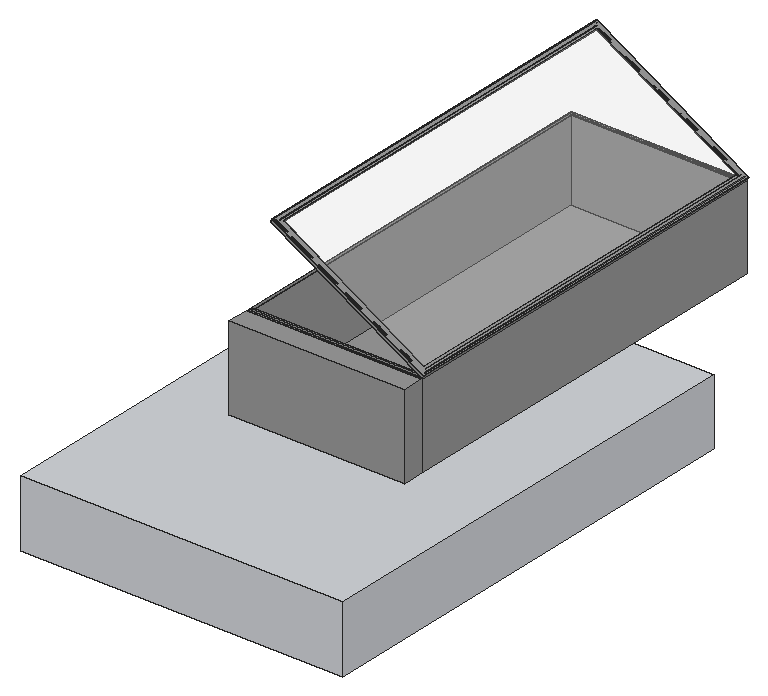
Revit family "Hager-Univers-IP55-D400-H1950-Cl.II-Steel_encl-CH-de", category Equipement électrique, Revit 2020
Family settings
  Hôte = Face
  Configuration du panneau = Deux colonnes, circuits au sein
  Cote de connecteur circulaire = Utiliser le diamètre
  Type d'élément = Tableau de raccordement
  Couper avec des vides une fois chargée = Non
  Partagée = Non
  Point de calcul de pièce = Non
Parameters (values of type "Bodenaufstellung IP55 B800 H1950 T400  - FR23U1")
  Width Control [instance] = if([EF000008 - Breite] > Min Width, [EF000008 - Breite], Min Width)  # 800 mm
  Commentaires du type = [HG000003 - Bereich]  # "Univers"
  Thickness Door [instance] = if([EF009171 - Materialstärke Tür/Deckel] > 3 mm, 3 mm, [EF009171 - Materialstärke Tür/Deckel])  # 1.5 mm
  Seal Frame Offset [instance] = 17 mm  # constant formula
  Plinth Visibility [instance] = [HG000027 - Sockelhöhe] > 0 mm  # yes
  Model = ""
  Min Width [instance] = 100 mm  # constant formula
  Min Height [instance] = 100 mm  # constant formula
  Min Depth [instance] = (2 * [EF009170 - Materialstärke Gehäuse]) + 1 mm  # 4 mm
  Internal Frame Depth [instance] = (Door System Depth * 0.5)  # 9 mm
  Height Control [instance] = if([EF000040 - Höhe] > Min Height, [EF000040 - Höhe], Min Height)  # 1950 mm
  HG000027 - Sockelhöhe = 100 mm
  HG000026 - Stehend auf dem Boden = yes
  HG000024 - Höhe des unteren Teils = 800 mm
  HG000023 - Gehäuse mit doppeltem Querschnitt = no
  HG000016 - 3D-Türsichtbarkeit [instance] = yes
  HG000015 - Sichtbarkeit der Türöffnung [instance] = no
  HG000014 - Tür rechts [instance] = yes
  HG000013 - Tür links [instance] = not([HG000014 - Tür rechts])  # no
  HG000012 - Türschwenkwinkel [instance] = 30.00°
  HG000010 - Asymmetrische Türen = no
  HG000009 - Doppelflügeligen Tür = no
  HG000006 - Unterputz = no
  HG000004 - Herstellerreferenz = "FR23U1"
  HG000003 - Bereich = "Univers"
  HG000002 - Mit tür = yes
  Frame Offset Bottom [instance] = 10 mm  # constant formula
  Frame Offset [instance] = 15 mm  # constant formula
  EF015940 - Deckel mit Überdruckentlastung = no
  EF011959 - Schutzart (NEMA) = ""
  EF009554 - Anzahl der Öffnungen für Flanschplatten = 6
  Fabricant = "Hager"  # constant formula
  EF009212 - Ausführung Deckel = "EV000116 - geschlossen"
  EF009171 - Materialstärke Tür/Deckel = 1.5 mm
  EF009170 - Materialstärke Gehäuse = 1.5 mm
  EF008873 - Nennstrom (In) = 800 A
  EF007800 - Geeignet für Blitzschutz = no
  EF006306 - Mit Schloss = no
  EF006244 - Transparenter Deckel/Tür = yes
  EF005474 - Schutzart (IP) = "EV006420 - IP55"
  EF004464 - Art der Tür = "EV002646 - Einzel"
  EF004427 - Anzahl der Module = 432
  EF004293 - Schlagfestigkeit = "EV008784 - IK10"
  EF003532 - Geeignet für Außengebrauch = no
  EF002950 - Breite in Teilungseinheiten = 24
  EF001613 - Funktionserhalt = "EV000494 - ohne"
  EF001596 - Werkstoff des Gehäuses = "EV000179 - Stahl"
  EF001131 - Innentiefe = 400 mm
  EF001088 - Anbaumöglichkeit = yes
  EF000437 - Anzahl der Leitungseinführungen = 6
  EF000339 - Art der Abdeckung = "EV004216 - Tür"
  EF000266 - Anzahl der Reihen = 12
  EF000218 - Einbautiefe = 0 mm
  EF000118 - Mit Montageplatte = no
  EF000116 - RAL-Nummer = "7035"
  EF000049 - Tiefe = 400 mm
  EF000040 - Höhe = 1950 mm
  EF000008 - Breite = 800 mm
  EF000007 - Farbe = "EV000270 - grau"
  EF000003 - Montageart = "EV012274 - Bodenaufstellung"
  Door System Leaf Tolerance [instance] = 1.5 mm  # constant formula
  Door System Depth [instance] = 18 mm  # constant formula
  Door Height [instance] = Height Control - [HG000027 - Sockelhöhe]  # 1850 mm
  Depth Control [instance] = if([EF000049 - Tiefe] > Min Depth, [EF000049 - Tiefe], Min Depth)  # 400 mm
  Default Elevation = 0 mm
  Connector Offset [instance] = Height Control / 2  # 975 mm
  Bottom Top Plate Trim [instance] = 1.5 mm  # constant formula
  Plinth height Ctrl [instance] = if([HG000027 - Sockelhöhe] > 0 mm, [HG000027 - Sockelhöhe], 12 mm)  # 100 mm
Types (11, lengths in mm): name | Width Control | HG000010 - Asymmetrische Türen | HG000009 - Doppelflügeligen Tür | HG000004 - Herstellerreferenz | EF009554 - Anzahl der Öffnungen für Flanschplatten | EF006244 - Transparenter Deckel/Tür | EF004464 - Art der Tür | EF004427 - Anzahl der Module | EF000437 - Anzahl der Leitungseinführungen | EF000008 - Breite
  Bodenaufstellung IP55 B1050 H1950 T400  - FR24H1 | 1050 | yes | yes | "FR24H1" | 8 | no | "EV003602 - Doppel" | 576 | 8 | 1050
  Bodenaufstellung IP55 B1050 H1950 T400  - FR24U1 | 1050 | yes | yes | "FR24U1" | 8 | yes | "EV003602 - Doppel" | 576 | 8 | 1050
  Bodenaufstellung IP55 B1300 H1950 T400  - FR25H1 | 1300 | yes | yes | "FR25H1" | 10 | no | "EV003602 - Doppel" | 720 | 10 | 1300
  Bodenaufstellung IP55 B1300 H1950 T400  - FR25U1 | 1300 | yes | yes | "FR25U1" | 10 | yes | "EV003602 - Doppel" | 720 | 10 | 1300
  Bodenaufstellung IP55 B1550 H1950 T400  - FR26H1 | 1550 | yes | yes | "FR26H1" | 12 | no | "EV003602 - Doppel" | 864 | 12 | 1550
  Bodenaufstellung IP55 B1550 H1950 T400  - FR26U1 | 1550 | yes | yes | "FR26U1" | 12 | yes | "EV003602 - Doppel" | 864 | 12 | 1550
  Bodenaufstellung IP55 B300 H1950 T400  - FR21H1 | 300 | no | no | "FR21H1" | 2 | no | "EV002646 - Einzel" | 144 | 2 | 300
  Bodenaufstellung IP55 B550 H1950 T400  - FR22H1 | 550 | no | no | "FR22H1" | 4 | no | "EV002646 - Einzel" | 288 | 4 | 550
  Bodenaufstellung IP55 B550 H1950 T400  - FR22U1 | 550 | no | no | "FR22U1" | 4 | yes | "EV002646 - Einzel" | 288 | 4 | 550
  Bodenaufstellung IP55 B800 H1950 T400  - FR23H1 | 800 | no | no | "FR23H1" | 6 | no | "EV002646 - Einzel" | 432 | 6 | 800
  Bodenaufstellung IP55 B800 H1950 T400  - FR23U1 | 800 | no | no | "FR23U1" | 6 | yes | "EV002646 - Einzel" | 432 | 6 | 800
Reference planes
  plane 1 "Center (Front/Back)": y = 0
  plane 2: z = 0
  plane 3 "Center (Left/Right)": x = 0
  plane 4: z = 400
  plane 5: y = 101.5
  plane 6: y = 1025
  plane 7: y = 100
  plane 8: y = 1950
  plane 9: z = 0
  plane 10: x = -385
  plane 11: x = 385
  plane 12: x = 383.5
  plane 13: x = -383.5
  plane 14: y = 1948.5
  plane 15: x = -383
  plane 16: x = -400
  plane 17: x = 383
  plane 18: x = 400
  plane 19: x = 398.5
  plane 20: x = -398.5
  plane 21: y = 111.5
  plane 22: y = 1950
  plane 23: y = 1933.5
  plane 24: z = 382
  plane 25: z = 1.5
  plane 26: z = 380.5
  plane 27: z = 398.5
Forms (mm)
  Extrusion 1, solid
    sketch origin (0, 0, 0) x (1, 0, 0) y (0, 1, 0)
      loop
        line (-702.964, 1305) -> (-702.964, -811.445) -> (766.763, -811.445) -> (766.763, 1305) -> (-702.964, 1305)
    from 0 to -304.8
  Extrusion 2, solid, material "Hager_Steel_RAL7035_Light_Grey", visible <- "Plinth Visibility", detail levels medium+fine
    sketch origin (0, 0, 0) x (1, 0, 0) y (0, 1, 0)
      loop
        line (-400, 0) -> (400, 0) -> (400, 100) -> (-400, 100) -> (-400, 0)
    from 0 to 382
  Extrusion 3, solid, material "Hager_Steel_RAL7035_Light_Grey", detail levels medium+fine
    sketch origin (0, 0, 0) x (1, 0, 0) y (0, 1, 0)
      loop
        line (-400, 100) -> (400, 100) -> (400, 1950) -> (-400, 1950) -> (-400, 100)
    from 0 to 382
  Extrusion 4, void
    sketch origin (0, 0, 0) x (1, 0, 0) y (0, 1, 0)
      loop
        line (-398.5, 101.5) -> (398.5, 101.5) -> (398.5, 1948.5) -> (-398.5, 1948.5) -> (-398.5, 101.5)
    from 1.5 to 380.5
  Extrusion 5, void
    sketch origin (-381.607, -4572, 382) x (0, -1, 0) y (-1, 0, 0)
      loop
        line (-4683.5, 1.893) -> (-6505.5, 1.893) -> (-6505.5, -765.107) -> (-4683.5, -765.107) -> (-4683.5, 1.893)
    from 0 to 1.5 <- "EF009170 - Materialstärke Gehäuse"
  Extrusion 6, solid, material "Hager_Steel_RAL7035_Light_Grey", detail levels fine
    sketch origin (0, 0, 382) x (1, 0, 0) y (0, 1, 0)
      loop
        line (-383.5, 1933.5) -> (-383.5, 111.5) -> (383.5, 111.5) -> (383.5, 1933.5) -> (-383.5, 1933.5)
      loop
        line (-385, 110) -> (385, 110) -> (385, 1935) -> (-385, 1935) -> (-385, 110)
    from 0 to 9 <- "Internal Frame Depth"
  Extrusion 7, solid, material "Hager_Steel_RAL7035_Light_Grey", detail levels coarse
    sketch origin (0, 0, 0) x (1, 0, 0) y (0, 1, 0)
      loop
        line (-400, 0) -> (400, 0) -> (400, 1950) -> (-400, 1950) -> (-400, 0)
    from 0 to 400
  Sweep 8, void
    path in 3D
      loop
        line (-400, 100, 0) -> (400, 100, 0) -> (400, 100, 382) -> (-400, 100, 382) -> (-400, 100, 0)
    profile origin (-400, 100, 191) x (-1, 0, 0) y (0, -1, 0)
      loop
        line (0, 0) -> (0, 1.5) -> (-1.5, 1.5)
        arc (-1.5, 1.5) -> (-1.061, 0.439) -> (0, 0) r 1.5
Cuts and joins
  Extrusion 4, Extrusion 5 cuts Extrusion 3
  Sweep 8 cuts Extrusion 2
Lines and regions (mm)
  Masking region 1
    outline origin (0, 0, 0) x (1, 0, 0) y (0, 0, 1)
      loop
        line (-400, 400) -> (-400, 0) -> (400, 0) -> (400, 400) -> (-400, 400)
  Masking region 2, detail levels medium+fine
    outline origin (0, 140, 0) x (0, 1, 0) y (0, 0, 1)
      loop
        line (-40, 0) -> (1810, 0) -> (1810, 382) -> (-40, 382) -> (-40, 0)
  Masking region 3, not visible, detail levels medium+fine
    outline origin (0, 297.922, 0) x (0, 1, 0) y (0, 0, 1)
      loop
        line (738.578, 0) -> (778.578, 0) -> (778.578, 388.5)
        arc (778.578, 388.5) -> (775.649, 395.571) -> (768.578, 398.5) r 10
        line (768.578, 398.5) -> (738.578, 398.5) -> (738.578, 0)
  Masking region 4, detail levels coarse
    outline origin (0, 0, 180) x (0, 1, 0) y (0, 0, 1)
      loop
        line (0, -180) -> (1950, -180) -> (1950, 220) -> (0, 220) -> (0, -180)
  Masking region 5, visible <- "Plinth Visibility", detail levels medium+fine
    outline origin (0, 52.24, 12.345) x (0, 0, -1) y (0, 1, 0)
      loop
        line (10.845, 47.76) -> (-368.155, 47.76)
        arc (-368.155, 47.76) -> (-368.594, 46.699) -> (-369.655, 46.26) r 1.5
        line (-369.655, 46.26) -> (-369.655, -52.24) -> (12.345, -52.24) -> (12.345, 46.26)
        arc (12.345, 46.26) -> (11.285, 46.699) -> (10.845, 47.76) r 1.5
  Masking region 6, detail levels medium+fine
    outline origin (-381.607, -4572, 382) x (-1, 0, 0) y (0, -1, 0)
      loop
        line (18.393, -6522) -> (18.393, -4672) -> (-781.607, -4672) -> (-781.607, -6522) -> (18.393, -6522)
  Masking region 7, visible <- "Plinth Visibility", detail levels medium+fine
    outline origin (-381.607, -4727, 382) x (-1, 0, 0) y (0, -1, 0)
      loop
        arc (16.893, -4827) -> (17.332, -4825.939) -> (18.393, -4825.5) r 1.5
        line (18.393, -4825.5) -> (18.393, -4727) -> (-781.607, -4727) -> (-781.607, -4825.5)
        arc (-781.607, -4825.5) -> (-780.546, -4825.939) -> (-780.107, -4827) r 1.5
        line (-780.107, -4827) -> (16.893, -4827)
  Masking region 8, detail levels coarse
    outline origin (-442.548, -4669.526, 382) x (-1, 0, 0) y (0, -1, 0)
      loop
        line (-42.548, -6619.526) -> (-42.548, -4669.526) -> (-842.548, -4669.526) -> (-842.548, -6619.526) -> (-42.548, -6619.526)
  sketch lines
    curve 1: line (-400, 100, 382) -> (-400, 100, 0)
    curve 2: line (400, 100, 382) -> (-400, 100, 382)
    curve 3: line (400, 100, 382) -> (400, 100, 0)
    curve 4: line (-400, 100, 0) -> (400, 100, 0)
Dimensions and locks
  "Depth Control": plane 4 to Extrusion 1
  "HG000027 - Sockelhöhe": plane 1 "Center (Front/Back)" to plane 7
  "EF009170 - Materialstärke Gehäuse": plane 5 to plane 7
  locked: connector elem to plane 3 "Center (Left/Right)"
  equal spacing: plane 8, plane 6, plane 7
  locked: connector elem to plane 6
  "EF009170 - Materialstärke Gehäuse": plane 8 to plane 14
  "EF009170 - Materialstärke Gehäuse": plane 10 to plane 13
  "EF009170 - Materialstärke Gehäuse": plane 12 to plane 11
  "Frame Offset": plane 20 to plane 13
  "Frame Offset": plane 12 to plane 19
  "EF009170 - Materialstärke Gehäuse": plane 16 to plane 20
  "EF009170 - Materialstärke Gehäuse": plane 19 to plane 18
  "Seal Frame Offset": plane 16 to plane 15
  "Seal Frame Offset": plane 17 to plane 18
  "Frame Offset Bottom": plane 21 to plane 5
  "Frame Offset": plane 14 to plane 23
  equal spacing: plane 16, plane 3 "Center (Left/Right)", plane 18
  "Width Control": plane 16 to plane 18
  "EF009170 - Materialstärke Gehäuse": plane 4 to plane 27
  "EF009170 - Materialstärke Gehäuse": plane 24 to plane 26
  "EF009170 - Materialstärke Gehäuse": plane 25 to level
  "Door System Depth": plane 4 to plane 24
  "Height Control": plane 1 "Center (Front/Back)" to Extrusion 7 sketch curve
  "Height Control": Masking region 4 sketch curve to plane 1 "Center (Front/Back)"
  "Height Control": plane 1 "Center (Front/Back)" to plane 22
  "Bottom Top Plate Trim": profile plane to Sweep 8 sketch curve
  "Bottom Top Plate Trim": Sweep 8 sketch curve to profile plane
  "Plinth height Ctrl": plane 1 "Center (Front/Back)" to Extrusion 2 sketch curve
  "Plinth height Ctrl": Masking region 5 sketch curve to plane 1 "Center (Front/Back)"
  "Plinth height Ctrl": plane 1 "Center (Front/Back)" to Masking region 7 sketch curve
  "Thickness Door": Extrusion 6 sketch curve to Extrusion 6 sketch curve  (x3)
  "Thickness Door": cut or joined group of Extrusion 3, Extrusion 4, Extrusion 5 to Extrusion 6 sketch curve
  radius of Masking region 3 sketch curve = 10 mm
  "Bottom Top Plate Trim": radius of Masking region 5 sketch curve  (x2)
  "Bottom Top Plate Trim": radius of Sweep 8 sketch curve
  "Bottom Top Plate Trim": radius of Masking region 7 sketch curve  (x2)
  aligned and locked: plane 2 to Extrusion 1
  aligned and locked: level to Extrusion 1
  aligned and locked: level to Masking region 1 sketch curve
  aligned and locked: Masking region 1 sketch curve to plane 18
  aligned and locked: Masking region 1 sketch curve to plane 16
  aligned and locked: plane 7 to Masking region 2 sketch curve
  aligned and locked: level to Masking region 3 sketch curve
  aligned and locked: Masking region 3 sketch curve to plane 27
  aligned and locked: level to Masking region 2 sketch curve
  aligned and locked: plane 1 "Center (Front/Back)" to Extrusion 2 sketch curve
  aligned and locked: Extrusion 3 sketch curve to plane 7
  aligned and locked: plane 16 to Extrusion 3 sketch curve
  aligned and locked: plane 18 to Extrusion 3 sketch curve
  aligned and locked: plane 20 to Extrusion 4 sketch curve
  aligned and locked: plane 19 to Extrusion 4 sketch curve
  aligned and locked: Extrusion 4 sketch curve to plane 5
  aligned and locked: Extrusion 4 to plane 25
  aligned and locked: plane 26 to Extrusion 4
  aligned and locked: plane 24 to Extrusion 3
  aligned and locked: Extrusion 5 sketch curve to plane 21
  aligned and locked: Extrusion 5 sketch curve to plane 13
  aligned and locked: Extrusion 5 sketch curve to plane 12
  aligned and locked: plane 18 to Extrusion 7 sketch curve
  aligned and locked: plane 1 "Center (Front/Back)" to Extrusion 7 sketch curve
  aligned and locked: plane 16 to Extrusion 7 sketch curve
  aligned and locked: plane 4 to Extrusion 7
  aligned and locked: Extrusion 7 to level
  aligned and locked: level to Masking region 4 sketch curve
  aligned and locked: Masking region 4 sketch curve to plane 1 "Center (Front/Back)"
  aligned and locked: Masking region 4 sketch curve to plane 4
  aligned and locked: nested 1 to level
  aligned and locked: nested 1 to plane 16
  aligned and locked: plane 8 to Extrusion 3 sketch curve
  aligned and locked: plane 23 to Extrusion 5 sketch curve
  aligned and locked: plane 14 to Extrusion 4 sketch curve
  aligned and locked: Masking region 2 sketch curve to plane 8
  aligned and locked: level to Masking region 5 sketch curve
  aligned and locked: plane 16 to Extrusion 2 sketch curve
  aligned and locked: plane 18 to Extrusion 2 sketch curve
  aligned and locked: Masking region 5 sketch curve to plane 24
  aligned and locked: Masking region 2 sketch curve to plane 24
  aligned and locked: plane 24 to Extrusion 2
  aligned and locked: profile plane to Sweep 8 sketch curve  (x2)
  aligned and locked: Masking region 6 sketch curve to plane 18
  aligned and locked: Masking region 6 sketch curve to plane 22
  aligned and locked: Masking region 6 sketch curve to plane 16
  aligned and locked: plane 8 to plane 22
  aligned and locked: Masking region 6 sketch curve to plane 7
  aligned and locked: Masking region 7 sketch curve to plane 16
  aligned and locked: Masking region 7 sketch curve to plane 1 "Center (Front/Back)"
  aligned and locked: Masking region 7 sketch curve to plane 18
  aligned and locked: Masking region 8 sketch curve to plane 1 "Center (Front/Back)"
  aligned and locked: Masking region 8 sketch curve to plane 18
  aligned and locked: Masking region 8 sketch curve to plane 22
  aligned and locked: Masking region 8 sketch curve to plane 16
  aligned and locked: nested 2 to plane 7
  aligned and locked: plane 3 "Center (Left/Right)" to nested 2
  aligned and locked: nested 2 to plane 24
  aligned and locked: Extrusion 6 sketch curve to cut or joined group of Extrusion 3, Extrusion 4, Extrusion 5  (x4)
Automatic sketch dimensions
  Extrusion 1 sketch curve to Extrusion 1 sketch curve = 1469.727 mm
  Extrusion 1 sketch curve to Extrusion 1 sketch curve = 2116.445 mm
  Masking region 1 sketch curve to plane 4 = 0 mm
  plane 6 to Masking region 3 sketch curve = 11.5 mm
  Masking region 3 sketch curve to Masking region 3 sketch curve = 30 mm
  Masking region 5 sketch curve to plane 1 "Center (Front/Back)" = 0 mm
Nested families
  nested 1: "Hager_Enclosure_Symbol" at (-400, 0, 0) x (1, 0, 0) z (0, -1, 0), Height <- "Depth Control", Width <- "Width Control", type "Hager_Enclosure_Symbol"
    with Width_Ctrl 800 mm, Width 800 mm, Height_Ctrl 400 mm, Height 400 mm, A_Width_Int 26.25 mm, A_Width 315 mm, A_Height_Ctrl 350 mm, A_Height 350 mm
  nested 2: "EC000058_Univers_Door" at (0, 100, 382) x (1, 0, 0) z (0, 1, 0), Leaf_Tolerance <- "Door System Leaf Tolerance", Angle <- "HG000012 - Türschwenkwinkel", Door_Depth <- "Door System Depth", Door_Left <- "HG000013 - Tür links", Transparent <- "EF006244 - Transparenter Deckel/Tür", Assymetrical <- "HG000010 - Asymmetrische Türen", Width <- "Width Control", Clearance <- "HG000015 - Sichtbarkeit der Türöffnung", Double <- "HG000009 - Doppelflügeligen Tür", 3d_Door <- "HG000016 - 3D-Türsichtbarkeit", Lock_Visibility <- "EF006306 - Mit Schloss", Width_Ctrl <- "Width Control", Door_Right <- "HG000014 - Tür rechts", Door <- "HG000002 - Mit tür", Height <- "Door Height", Thickness <- "Thickness Door", type "EC000058_Univers_Door", detail levels medium+fine
    with min_wh 4 mm, Width_Ctrl 800 mm, Width 800 mm, Transparent yes, Thickness 1.5 mm, Seal_Material Hager_Rubber, Lock_Visibility no, Lock_Material Hager_Plastic_RAL9005_Jet_Black, Leaf_Width 800 mm, Leaf_Tolerance_External_Sides 0 mm, Leaf_Tolerance 1.5 mm, Leaf_Offset 0 mm, Leaf_Height 1847 mm, Leaf_2_Width 800 mm, Leaf_2_Offset 400 mm, Leaf_1_Width 800 mm, Leaf_1_Offset 400 mm, Height_Ctrl 1850 mm, Height 1850 mm, Glass_Material Hager_Glass, Double_Clearance_Ctrl no, Double no, Door_Right_Ctrl yes, Door_Right yes, Door_Material Hager_Steel_RAL7035_Light_Grey, Door_Left_Ctrl no, Door_Left no, Door_Depth 18 mm, Door yes, Clearance_Material Hager_Clearance, Clearance_Depth 800 mm, Clearance_Ctrl no, Clearance no, Assymetrical no, Angle 30.00°, 3d_Door yes
Connectors
  electrical at (0, 1025, 0)
    settings: on plane 9, index 1, voltage 0 V, apparent load 0 VA, apparent load phase1 0 VA, apparent load phase2 0 VA, apparent load phase3 0 VA, power factor 1, load classification "Other", number of poles 1, system type 30, power factor state 1, is connector primary yes, connector utility no, sub classification motor no, connector description ""
Definition of nested family "EC000058_Univers_Door"
  Parameters (values of type "EC000058_Univers_Door")
    min_wh [instance] = (2 * Thickness) + 1 mm  # 11 mm
    Width_Ctrl [instance] = 400 mm
    Width [instance] = 500 mm
    Transparent [instance] = yes
    Thickness [instance] = 5 mm
    Seal_Material [instance] = none
    Lock_Visibility [instance] = yes
    Lock_Material [instance] = none
    Leaf_Width [instance] = if((Width_Ctrl - 2 * Leaf_Tolerance_External_Sides) > 0 mm, (Width_Ctrl - 2 * Leaf_Tolerance_External_Sides), min_wh)  # 400 mm
    Leaf_Tolerance_External_Sides [instance] = 0 mm  # constant formula
    Leaf_Tolerance [instance] = 1.5 mm
    Leaf_Offset [instance] = 0 mm  # constant formula
    Leaf_Height [instance] = if((Height_Ctrl - 2 * Leaf_Tolerance) > 0 mm, (Height_Ctrl - 2 * Leaf_Tolerance), min_wh)  # 497 mm
    Leaf_2_Width [instance] = if(and(and(Double, Assymetrical), Door_Left), (Leaf_Width / 3) - (Leaf_Tolerance / 2), if(and(and(Double, Assymetrical), Door_Right), (Leaf_Width / 3) * 2 - (Leaf_Tolerance / 2), if(and(Double, not(Assymetrical)), (Leaf_Width / 2) - Leaf_Tolerance, Leaf_Width)))  # 400 mm
    Leaf_2_Offset [instance] = if(and(Double, Assymetrical), Leaf_2_Width / 2, if(and(Double, not(Assymetrical)), Leaf_Width / 4, Leaf_Width / 2))  # 200 mm
    Leaf_1_Width [instance] = if(and(and(Double, Assymetrical), Door_Right), (Leaf_Width / 3) - (Leaf_Tolerance / 2), if(and(and(Double, Assymetrical), Door_Left), (Width / 3) * 2 - (Leaf_Tolerance / 2), if(and(Double, not(Assymetrical)), (Leaf_Width / 2) - Leaf_Tolerance, Leaf_Width)))  # 400 mm
    Leaf_1_Offset [instance] = if(and(Double, Assymetrical), Leaf_1_Width / 2, if(and(Double, not(Assymetrical)), Leaf_Width / 4, Leaf_Width / 2))  # 200 mm
    Height_Ctrl [instance] = if(Height > min_wh, Height, min_wh)  # 500 mm
    Height [instance] = 500 mm
    Glass_Material [instance] = none
    Double_Clearance_Ctrl [instance] = and(Double, Clearance)  # no
    Double [instance] = no
    Door_Right_Ctrl [instance] = and(or(Door_Right, Double), Door)  # yes
    Door_Right [instance] = yes
    Door_Material [instance] = none
    Door_Left_Ctrl [instance] = and(or(Door_Left, Double), Door)  # no
    Door_Left [instance] = no
    Door_Depth [instance] = 30 mm
    Door [instance] = yes
    Default Elevation = 1219.2 mm
    Clearance_Material [instance] = none
    Clearance_Depth [instance] = if(Leaf_1_Width > Leaf_2_Width, Leaf_1_Width, Leaf_2_Width)  # 400 mm
    Clearance_Ctrl [instance] = and(not(Double), Clearance)  # yes
    Clearance [instance] = yes
    Assymetrical [instance] = yes
    Angle [instance] = 30.00°
    3d_Door [instance] = yes
  Reference planes
    plane 1 "Center (Front/Back)": y = 0
    plane 2 "Bottom": z = 0
    plane 3 "Center (Left/Right)": x = 0
    plane 4: z = 500
    plane 5: x = -200
    plane 6: x = 200
    plane 7: z = 500
    plane 8: x = -200
    plane 9: z = 0
    plane 10: x = 200
    plane 11: y = 0
    plane 12: z = 1.5
    plane 13: x = -600
    plane 14: y = -400
    plane 15: x = 600
    plane 16: x = 0
    plane 17: x = 0
    plane 18: x = -200
    plane 19: x = 200
    plane 20: z = 498.5
  Forms (mm)
    Extrusion 1, solid, material <- "Clearance_Material", visible <- "Double_Clearance_Ctrl"
      sketch origin (1200, 0, 0) x (1, 0, 0) y (0, 0, -1)
        loop
          line (-1800, -498.5) -> (-600, -498.5) -> (-600, 0) -> (-1800, 0) -> (-1800, -498.5)
      from 0 to -400
  Dimensions and locks
    equal spacing: plane 5, plane 3 "Center (Left/Right)", plane 6
    "Width_Ctrl": plane 5 to plane 6
    "Leaf_Offset": plane 5 to plane 8
    "Leaf_Offset": plane 6 to plane 10
    "Leaf_Offset": plane 9 to level
    "Leaf_Offset": plane 4 to plane 7
    "Height_Ctrl": plane 4 to level
    "Leaf_Tolerance": plane 12 to plane 9
    locked: plane 11 to plane 1 "Center (Front/Back)"
    "Leaf_1_Offset": plane 18 to plane 16
    "Leaf_2_Offset": plane 17 to plane 19
    "Leaf_1_Width": plane 13 to plane 8
    "Leaf_2_Width": plane 10 to plane 15
    "Clearance_Depth": plane 14 to plane 1 "Center (Front/Back)"
    "Leaf_Tolerance_External_Sides": plane 8 to plane 18
    "Leaf_Tolerance_External_Sides": plane 19 to plane 10
    "Leaf_Tolerance": plane 7 to plane 20
    aligned and locked: level to plane 2 "Bottom"
    aligned and locked: nested 1 to plane 16
    aligned and locked: nested 2 to plane 17
    aligned and locked: Extrusion 1 to plane 13
    aligned and locked: plane 15 to Extrusion 1
    aligned and locked: Extrusion 1 to plane 14
    aligned and locked: plane 12 to nested 1
    aligned and locked: nested 2 to plane 12
    aligned and locked: Extrusion 1 to plane 11
    aligned and locked: plane 20 to Extrusion 1
    aligned and locked: nested 2 to plane 11
    aligned and locked: nested 1 to plane 11
  Automatic sketch dimensions
    Extrusion 1 sketch curve to level = 0 mm
    plane 5 to Extrusion 1 sketch curve = 400 mm
    plane 6 to Extrusion 1 sketch curve = 400 mm
    Extrusion 1 sketch curve to plane 4 = 1.5 mm
  Nested families
    nested 1: "EC000058_Univers_Door_Leaf" at (0, 0, 1.5), Width <- "Leaf_1_Width", visible <- "Door_Left_Ctrl", Leaf_Height <- "Leaf_Height", Angle <- "Angle", 3d_Door <- "3d_Door", Transparent <- "Transparent", Clearance Material <- "Clearance_Material", Clearance <- "Clearance_Ctrl", Door_Material <- "Door_Material", Glass_Material <- "Glass_Material", Door_Depth <- "Door_Depth", Lock_Material <- "Lock_Material", Seal_Material <- "Seal_Material", Lock_Visibility <- "Lock_Visibility", Thickness <- "Thickness", type "EC000058_Univers_Door_Leaf"
      with Width 400 mm, Transparent_Glass_Offset 30 mm, Transparent_Ctrl yes, Transparent yes, Thickness 5 mm, Standard no, Seal_Material none, Seal_D2 8 mm, Seal_D1 1 mm, Offset_Internal_Frame 10 mm, Lock_Width 20 mm, Lock_Visibility_3d yes, Lock_Visibility yes, Lock_Thickness_3 3 mm, Lock_Thickness_2 1 mm, Lock_Thickness_1 3 mm, Lock_Radius_Offset_2 16 mm, Lock_Radius_Offset_1 15 mm, Lock_Radius_2 5 mm, Lock_Radius 6 mm, Lock_Offset 5 mm, Lock_Material none, Lock_Height 80 mm, Lock_Cover_Top_Offset_2d 17 mm, Lock_Cover_Height -65 mm, Leaf_Height 497 mm, Internal_Seal_Thickness 8 mm, Internal_Seal_Depth_2 4.5 mm, Internal_Frame_Depth 25 mm, Glass_Thickness -1 mm, Glass_Offset -2 mm, Glass_Material none, Door_Material none, Door_Depth 30 mm, Clearance Material none, Clearance yes, Angle_Ctrl 30.00°, Angle 30.00°, 3d_Door yes
    nested 2: "EC000058_Univers_Door_Leaf" at (0, 0, 1.5) x (-1, 0, 0) z (0, 0, 1), Width <- "Leaf_2_Width", visible <- "Door_Right_Ctrl", Leaf_Height <- "Leaf_Height", Angle <- "Angle", 3d_Door <- "3d_Door", Transparent <- "Transparent", Clearance Material <- "Clearance_Material", Clearance <- "Clearance_Ctrl", Door_Material <- "Door_Material", Glass_Material <- "Glass_Material", Door_Depth <- "Door_Depth", Lock_Material <- "Lock_Material", Seal_Material <- "Seal_Material", Lock_Visibility <- "Lock_Visibility", Thickness <- "Thickness", type "EC000058_Univers_Door_Leaf"
      with Width 400 mm, Transparent_Glass_Offset 30 mm, Transparent_Ctrl yes, Transparent yes, Thickness 5 mm, Standard no, Seal_Material none, Seal_D2 8 mm, Seal_D1 1 mm, Offset_Internal_Frame 10 mm, Lock_Width 20 mm, Lock_Visibility_3d yes, Lock_Visibility yes, Lock_Thickness_3 3 mm, Lock_Thickness_2 1 mm, Lock_Thickness_1 3 mm, Lock_Radius_Offset_2 16 mm, Lock_Radius_Offset_1 15 mm, Lock_Radius_2 5 mm, Lock_Radius 6 mm, Lock_Offset 5 mm, Lock_Material none, Lock_Height 80 mm, Lock_Cover_Top_Offset_2d 17 mm, Lock_Cover_Height -65 mm, Leaf_Height 497 mm, Internal_Seal_Thickness 8 mm, Internal_Seal_Depth_2 4.5 mm, Internal_Frame_Depth 25 mm, Glass_Thickness -1 mm, Glass_Offset -2 mm, Glass_Material none, Door_Material none, Door_Depth 30 mm, Clearance Material none, Clearance yes, Angle_Ctrl 30.00°, Angle 30.00°, 3d_Door yes
  Definition of nested family "EC000058_Univers_Door_Leaf"
    Parameters (values of type "EC000058_Univers_Door_Leaf")
      Width [instance] = 2000 mm
      Transparent_Glass_Offset [instance] = 30 mm
      Transparent_Ctrl [instance] = and(Transparent, [3d_Door])  # yes
      Transparent [instance] = yes
      Thickness [instance] = 5 mm
      Standard [instance] = and(not(Transparent), [3d_Door])  # no
      Seal_Material [instance] = none
      Seal_D2 [instance] = 8 mm  # constant formula
      Seal_D1 [instance] = 1 mm  # constant formula
      Offset_Internal_Frame [instance] = 10 mm  # constant formula
      Lock_Width [instance] = 20 mm  # constant formula
      Lock_Visibility_3d [instance] = and(Lock_Visibility, [3d_Door])  # yes
      Lock_Visibility [instance] = yes
      Lock_Thickness_3 [instance] = 3 mm  # constant formula
      Lock_Thickness_2 [instance] = 1 mm  # constant formula
      Lock_Thickness_1 [instance] = 3 mm  # constant formula
      Lock_Radius_Offset_2 [instance] = Lock_Radius_Offset_1 + 1 mm  # 16 mm
      Lock_Radius_Offset_1 [instance] = 15 mm  # constant formula
      Lock_Radius_2 [instance] = Lock_Radius - 1 mm  # 5 mm
      Lock_Radius [instance] = 6 mm  # constant formula
      Lock_Offset [instance] = 5 mm  # constant formula
      Lock_Material [instance] = none
      Lock_Height [instance] = 80 mm  # constant formula
      Lock_Cover_Top_Offset_2d [instance] = Lock_Radius_Offset_2 + 1 mm  # 17 mm
      Lock_Cover_Height [instance] = -(Lock_Height - Lock_Radius_Offset_1)  # -65 mm
      Leaf_Height [instance] = 2720.336 mm
      Internal_Seal_Thickness [instance] = 8 mm  # constant formula
      Internal_Seal_Depth_2 [instance] = 4.5 mm  # constant formula
      Internal_Frame_Depth [instance] = if(Door_Depth - Thickness > 5 mm, Door_Depth - Thickness, 5 mm)  # 25 mm
      Glass_Thickness [instance] = if(Thickness > 15 mm, Glass_Offset + 10 mm, -1 mm)  # -1 mm
      Glass_Offset [instance] = if(Thickness > 15 mm, -(Thickness + 10 mm) / 2, -2 mm)  # -2 mm
      Glass_Material [instance] = none
      Door_Material [instance] = none
      Door_Depth [instance] = 30 mm
      Default Elevation = 0 mm
      Clearance Material [instance] = none
      Clearance [instance] = yes
      Angle_Ctrl [instance] = if(Angle > 180.00°, 180.00°, Angle)  # 90.00°
      Angle [instance] = 90.00°
      3d_Door [instance] = yes
    Reference planes
      plane 1 "Center (Front/Back)": y = 0
      plane 2: z = 0
      plane 3 "Center (Left/Right)": x = 0
      plane 4: y = 2000
      plane 5: x = -1000
      plane 6: x = 1000
      plane 7: x = -3000
      plane 8: z = 2720.336
      plane 9: z = 30
      plane 10: z = 2690.336
      plane 11: x = 970
      plane 12: x = -970
      plane 13: y = -3
      plane 14: z = 107.833
      plane 15: y = -5
      plane 16: y = -223.314
      plane 17: x = -1000
      plane 18: z = 1360.168
      plane 19: y = 30
    Forms (mm)
      Extrusion 1, solid, material <- "Clearance Material", visible <- "Clearance"
        sketch origin (0, 0, 0) x (1, 0, 0) y (0, 0, 1)
          loop
            line (-3000, 2720.336) -> (-3000, 0) -> (1000, 0) -> (1000, 2720.336) -> (-3000, 2720.336)
        from 0 to -2000
      Extrusion 2, solid, material <- "Door_Material", visible <- "Standard", detail levels medium+fine
        sketch origin (-1000, 0, 0) x (0, 1, 0) y (-1, 0, 0)
          loop
            line (0, 30) -> (0, 25) -> (2000, 25) -> (2000, 30) -> (0, 30)
        from 0 to 2720.336 <- "Leaf_Height"
      Extrusion 3, solid, material <- "Door_Material", visible <- "Transparent_Ctrl", detail levels medium+fine
        sketch origin (-1000, 0, 0) x (0, 1, 0) y (-1, 0, 0)
          loop
            line (0, 25) -> (2000, 25) -> (2000, 30) -> (0, 30) -> (0, 25)
        from 0 to 2720.336 <- "Leaf_Height"
      Extrusion 4, void
        sketch origin (-1025, 2000, 0) x (0, 1, 0) y (0, 0, -1)
          loop
            line (-30, -2690.336) -> (-30, -30) -> (-1970, -30) -> (-1970, -2690.336) -> (-30, -2690.336)
        from 0 to 5 <- "Thickness"
      Sweep 5, solid, material <- "Seal_Material", visible <- "Transparent_Ctrl", detail levels fine
        path in 3D
          loop
            line (-1025, 30, 30) -> (-1025, 30, 2690.336) -> (-1025, 1970, 2690.336) -> (-1025, 1970, 30) -> (-1025, 30, 30)
        profile origin (-1025, 1000, 30) x (1, 0, 0) y (0, 0, 1)
          loop
            line (0, 0) -> (0, -8) -> (1, -8) -> (1, 0) -> (0, 0)
      Extrusion 6, solid, material <- "Glass_Material", visible <- "Transparent_Ctrl", detail levels medium+fine
        sketch origin (-1030, 0, 0) x (0, 1, 0) y (0, 0, -1)
          loop
            line (1970, -2690.336) -> (1970, -30) -> (30, -30) -> (30, -2690.336) -> (1970, -2690.336)
        from -2 <- "Glass_Offset" to -1 <- "Glass_Thickness"
      Extrusion 7, solid, material <- "Door_Material", visible <- "3d_Door", detail levels medium+fine
        sketch origin (-1025, 2000, 0) x (0, -1, 0) y (0, 0, -1)
          loop
            line (0, -2720.336) -> (2000, -2720.336) -> (2000, 0) -> (0, 0) -> (0, -2720.336)
          loop
            line (1995, -5) -> (5, -5) -> (5, -2715.336) -> (1995, -2715.336) -> (1995, -5)
        from 0 to 25 <- "Internal_Frame_Depth"
      Sweep 8, solid, material <- "Seal_Material", visible <- "Transparent_Ctrl", detail levels fine
        path in 3D
          loop
            line (-1025, 0, 0) -> (-1025, 2000, 0) -> (-1025, 2000, 2720.336) -> (-1025, 0, 2720.336) -> (-1025, 0, 0)
        profile origin (-1025, 0, 1360.168) x (1, 0, 0) y (0, 1, 0)
          loop
            line (0, 10) -> (2.975, 10)
            arc (2.975, 10) -> (4.053, 10.447) -> (4.5, 11.525) r 1.525
            line (4.5, 11.525) -> (4.5, 16.527)
            arc (4.5, 16.527) -> (4.069, 17.569) -> (3.027, 18) r 1.473
            line (3.027, 18) -> (0, 18) -> (0, 10)
      Extrusion 9, solid, material <- "Lock_Material", visible <- "Lock_Visibility_3d", detail levels fine
        sketch origin (-1030, 0, 0) x (0, 1, 0) y (0, 0, -1)
          loop
            arc (1993.5, -1400.168) -> (1994.561, -1399.729) -> (1995, -1398.668) r 1.5
            line (1995, -1398.668) -> (1995, -1320.168) -> (1975, -1320.168) -> (1975, -1398.668)
            arc (1975, -1398.668) -> (1975.439, -1399.729) -> (1976.5, -1400.168) r 1.5
            line (1976.5, -1400.168) -> (1993.5, -1400.168)
        from 3 <- "Lock_Thickness_1" to 0
      Blend 10, solid, material <- "Lock_Material", visible <- "Lock_Visibility_3d", detail levels fine
        base sketch origin (-1033, 0, 0) x (0, 1, 0) y (0, 0, -1)
          loop
            line (1975, -1320.168) -> (1975, -1398.668)
            arc (1975, -1398.668) -> (1975.439, -1399.729) -> (1976.5, -1400.168) r 1.5
            line (1976.5, -1400.168) -> (1993.5, -1400.168)
            arc (1993.5, -1400.168) -> (1994.561, -1399.729) -> (1995, -1398.668) r 1.5
            line (1995, -1398.668) -> (1995, -1320.168) -> (1975, -1320.168)
        top sketch origin (-1033, 0, 0) x (0, 1, 0) y (0, 0, -1)
          loop
            line (1976, -1320.168) -> (1976, -1398.668)
            arc (1976, -1398.668) -> (1976.146, -1399.022) -> (1976.5, -1399.168) r 0.5
            line (1976.5, -1399.168) -> (1993.5, -1399.168)
            arc (1993.5, -1399.168) -> (1993.854, -1399.022) -> (1994, -1398.668) r 0.5
            line (1994, -1398.668) -> (1994, -1320.168) -> (1976, -1320.168)
        from 0 to 1 <- "Lock_Thickness_2"
      Blend 11, solid, material <- "Lock_Material", visible <- "Lock_Visibility_3d", detail levels fine
        base sketch origin (-1034, 0, 0) x (0, 1, 0) y (0, 0, -1)
          loop
            line (1978, -1320.168) -> (1978, -1384.168)
            arc (1978, -1384.168) -> (1985, -1391.168) -> (1992, -1384.168) r 7
            line (1992, -1384.168) -> (1992, -1320.168) -> (1978, -1320.168)
        top sketch origin (-1034, 0, 0) x (0, 1, 0) y (0, 0, -1)
          loop
            line (1991, -1320.168) -> (1979, -1320.168) -> (1979, -1383.168)
            arc (1979, -1383.168) -> (1985, -1389.168) -> (1991, -1383.168) r 6
            line (1991, -1383.168) -> (1991, -1320.168)
        from 0 to 3 <- "Lock_Thickness_3"
      Extrusion 12, solid, material <- "Lock_Material", visible <- "Lock_Visibility_3d", detail levels fine
        sketch origin (-1030, 1975, 1320.168) x (1, 0, 0) y (0, -1, 0)
          loop
            line (-7, -19) -> (-7, -1) -> (0, -1) -> (0, 0) -> (-8, 0) -> (-8, -20) -> (0, -20) -> (0, -19) -> (-7, -19)
        from 0 to -65 <- "Lock_Cover_Height"
      Extrusion 13, void
        sketch origin (-1038, 1995, 1320.168) x (-1, 0, 0) y (0, 0, -1)
          loop
            line (-5, -65) -> (0, -65) -> (-5, -60) -> (-5, -65)
        from 0 to 20 <- "Lock_Width"
      Extrusion 14, void
        sketch origin (-1038, 1975, 1320.168) x (0, -1, 0) y (0, 0, -1)
          loop
            circle (-10, -15.995) r 6
          loop
            circle (-10, -15.995) r 5
        from 0 to 2
      Extrusion 15, solid, material <- "Lock_Material", visible <- "Lock_Visibility_3d", detail levels medium
        sketch origin (-1030, 0, 0) x (0, 1, 0) y (0, 0, -1)
          loop
            arc (1993.5, -1400.168) -> (1994.561, -1399.729) -> (1995, -1398.668) r 1.5
            line (1995, -1398.668) -> (1995, -1320.168) -> (1975, -1320.168) -> (1975, -1398.668)
            arc (1975, -1398.668) -> (1975.439, -1399.729) -> (1976.5, -1400.168) r 1.5
            line (1976.5, -1400.168) -> (1993.5, -1400.168)
        from 8 to 0
    Cuts and joins
      Extrusion 4 cuts Extrusion 3
      Extrusion 13, Extrusion 14 cuts Extrusion 9
      Extrusion 14 cuts Blend 11
      Extrusion 13, Extrusion 14 cuts Extrusion 12
      joined: Extrusion 9, Blend 10, Blend 11, Extrusion 12
      Extrusion 14 cuts Extrusion 15
    Lines and regions (mm)
      Masking region 1, visible <- "Lock_Visibility", detail levels fine
        outline origin (0, 0, 0) x (0, 1, 0) y (0, 0, 1)
          loop
            line (30, 1320.168) -> (33, 1320.168) -> (33, 1400.168) -> (30, 1400.168) -> (30, 1320.168)
      Masking region 2, visible <- "Lock_Visibility", detail levels fine
        outline origin (0, 3.143, 0) x (0, 1, 0) y (0, 0, 1)
          loop
            line (29.857, 1354.168) -> (30.857, 1354.168) -> (30.857, 1366.168) -> (29.857, 1366.168) -> (29.857, 1354.168)
      Masking region 3, detail levels medium+fine
        outline origin (0, 0, 0) x (0, 1, 0) y (0, 0, 1)
          loop
            line (0, 0) -> (30, 0) -> (30, 2720.336) -> (0, 2720.336) -> (0, 0)
      Masking region 4, detail levels medium+fine
        outline origin (0, 0, 0) x (1, 0, 0) y (0, 0, 1)
          loop
            line (-1000, 2720.336) -> (-1000, 0) -> (1000, 0) -> (1000, 2720.336) -> (-1000, 2720.336)
      Masking region 5, visible <- "Lock_Visibility", detail levels fine
        outline origin (-47.116, 0, 0) x (1, 0, 0) y (0, 0, 1)
          loop
            arc (1024.616, 1399.168) -> (1023.556, 1398.729) -> (1023.116, 1397.668) r 1.5
            line (1023.116, 1397.668) -> (1023.116, 1320.168) -> (1041.116, 1320.168) -> (1041.116, 1397.668)
            arc (1041.116, 1397.668) -> (1040.677, 1398.729) -> (1039.616, 1399.168) r 1.5
            line (1039.616, 1399.168) -> (1024.616, 1399.168)
      Masking region 6, visible <- "Lock_Visibility", detail levels medium+fine
        outline origin (-25, 0, 0) x (1, 0, 0) y (0, 0, 1)
          loop
            arc (1001.5, 1400.168) -> (1000.439, 1399.729) -> (1000, 1398.668) r 1.5
            line (1000, 1398.668) -> (1000, 1320.168) -> (1020, 1320.168) -> (1020, 1398.668)
            arc (1020, 1398.668) -> (1019.561, 1399.729) -> (1018.5, 1400.168) r 1.5
            line (1018.5, 1400.168) -> (1001.5, 1400.168)
      Masking region 7, visible <- "Lock_Visibility", detail levels fine
        outline origin (-73.735, 0, 0) x (1, 0, 0) y (0, 0, 1)
          loop
            line (1051.735, 1382.168) -> (1065.735, 1382.168) -> (1065.735, 1384.168)
            arc (1065.735, 1384.168) -> (1058.735, 1391.168) -> (1051.735, 1384.168) r 7
            line (1051.735, 1384.168) -> (1051.735, 1382.168)
      Masking region 8, visible <- "Lock_Visibility", detail levels fine
        outline origin (-73.735, 0, 0) x (1, 0, 0) y (0, 0, 1)
          loop
            line (1052.735, 1382.168) -> (1064.735, 1382.168) -> (1064.735, 1383.168)
            arc (1064.735, 1383.168) -> (1058.735, 1389.168) -> (1052.735, 1383.168) r 6
            line (1052.735, 1383.168) -> (1052.735, 1382.168)
      Masking region 9, visible <- "Lock_Visibility", detail levels fine
        outline origin (-25, 0, 0) x (1, 0, 0) y (0, 0, 1)
          loop
            line (1020, 1320.168) -> (1020, 1382.168) -> (1000, 1382.168) -> (1000, 1320.168) -> (1020, 1320.168)
      Masking region 10, detail levels medium+fine
        outline origin (0, 0, 0) x (1, 0, 0) y (0, 0, 1)
          loop
            circle (985, 1335.144) r 6
      Masking region 11, detail levels fine
        outline origin (0, 0, 0) x (1, 0, 0) y (0, 0, 1)
          loop
            circle (985, 1335.144) r 5
      Masking region 12, visible <- "Lock_Visibility", detail levels fine
        outline origin (0, 12.767, 0) x (0, 1, 0) y (0, 0, 1)
          loop
            line (20.233, 1320.168) -> (21.233, 1320.168) -> (21.233, 1399.168) -> (20.233, 1400.168) -> (20.233, 1320.168)
      Masking region 13, visible <- "Lock_Visibility", detail levels fine
        outline origin (0, 13.767, -10) x (0, 1, 0) y (0, 0, 1)
          loop
            line (20.233, 1330.168) -> (23.233, 1330.168) -> (23.233, 1399.168) -> (20.233, 1402.168) -> (20.233, 1330.168)
      Masking region 14, visible <- "Lock_Visibility", detail levels fine
        outline origin (0, 12.767, -10) x (0, 1, 0) y (0, 0, 1)
          loop
            line (20.233, 1330.168) -> (25.233, 1330.168) -> (25.233, 1399.305) -> (20.233, 1394.305) -> (20.233, 1330.168)
      Masking region 15, visible <- "Lock_Visibility", detail levels medium
        outline origin (0, 0, 0) x (0, 1, 0) y (0, 0, 1)
          loop
            line (30, 1320.168) -> (38, 1320.168) -> (38, 1400.168) -> (30, 1400.168) -> (30, 1320.168)
      Masking region 16, visible <- "Lock_Visibility", detail levels fine
        outline origin (-1000, 0, 0) x (0, 1, 0) y (-1, 0, 0)
          loop
            line (1975, 30) -> (1995, 30) -> (1995, 38) -> (1975, 38) -> (1975, 30)
          loop
            line (1979, 37) -> (1976, 37) -> (1976, 34) -> (1978, 34) -> (1979, 37)
          loop
            line (1994, 37) -> (1991, 37) -> (1992, 34) -> (1994, 34) -> (1994, 37)
      Masking region 17, visible <- "Lock_Visibility", detail levels medium
        outline origin (-1000, 0, 0) x (0, 1, 0) y (-1, 0, 0)
          loop
            line (1975, 30) -> (1995, 30) -> (1995, 38) -> (1975, 38) -> (1975, 30)
      symbolic lines
        curve 1: line (1000, 0, 0) -> (-3000, 0, 0)
        curve 2: arc (1000, 0, 0) -> (-1000, 2000, 0) -> (-3000, 0, 0) r 2000
        curve 4: line (-1030, 0, 0) -> (-1030, 2000, 0)
      reference lines
        curve 3: line (-1000, 0, 0) -> (-1000, 2000, 0)
      symbolic lines, detail levels medium+fine
        curve 5: line (-1030, 2000, 0) -> (-1025, 2000, 0)
        curve 7: line (-1025, 0, 0) -> (-1030, 0, 0)
        curve 8: line (-1025, 0, 0) -> (-1000, 0, 0)
        curve 9: line (-1000, 0, 0) -> (-1000, 2000, 0)
        curve 10: line (-1000, 2000, 0) -> (-1025, 2000, 0)
      symbolic lines, detail levels fine
        curve 6: line (-1025, 2000, 0) -> (-1025, 0, 0)
      sketch lines
        curve 11: line (-1025, 0, 2720.336) -> (-1025, 0, 0)
        curve 12: line (-1025, 2000, 0) -> (-1025, 0, 0)
        curve 13: line (-1025, 2000, 2720.336) -> (-1025, 2000, 0)
        curve 14: line (-1025, 0, 2720.336) -> (-1025, 2000, 2720.336)
        curve 15: line (-1025, 1970, 30) -> (-1025, 30, 30)
        curve 16: line (-1025, 30, 30) -> (-1025, 30, 2690.336)
        curve 17: line (-1025, 1970, 2690.336) -> (-1025, 1970, 30)
        curve 18: line (-1025, 30, 2690.336) -> (-1025, 1970, 2690.336)
      symbolic lines, visible <- "Transparent", detail levels medium+fine
        curve 19: line (-970, 0, 2690.336) -> (970, 0, 2690.336)
        curve 20: line (-970, 0, 30) -> (-970, 0, 2690.336)
        curve 21: line (970, 0, 30) -> (-970, 0, 30)
        curve 22: line (970, 0, 2690.336) -> (970, 0, 30)
    Dimensions and locks
      "Width": plane 1 "Center (Front/Back)" to plane 4
      equal spacing: plane 5, plane 3 "Center (Left/Right)", plane 6
      "Width": plane 5 to plane 6
      "Width": plane 7 to plane 5
      "Leaf_Height": plane 8 to level
      "Width": curve 5 to curve 3
      "Width": curve 3 to curve 3
      plane 8 to plane 10 = 30 mm
      plane 9 to level = 30 mm
      plane 12 to plane 5 = 30 mm
      plane 6 to plane 11 = 30 mm
      Extrusion 1 to Extrusion 4 sketch curve = 30 mm
      "Transparent_Glass_Offset": curve 3 to Extrusion 4 sketch curve
      "Transparent_Glass_Offset": Extrusion 4 sketch curve to cut or joined group of Extrusion 3, Extrusion 4  (x2)
      cut or joined group of Extrusion 3, Extrusion 4 to Extrusion 6 sketch curve = 30 mm
      "Transparent_Glass_Offset": cut or joined group of Extrusion 3, Extrusion 4 to Extrusion 4 sketch curve
      "Thickness": curve 6 to curve 4
      "Thickness": Extrusion 7 sketch curve to Extrusion 7 sketch curve  (x4)
      "Door_Depth": curve 4 to curve 3
      "Offset_Internal_Frame": profile plane to Sweep 8 sketch curve
      "Internal_Seal_Thickness": Sweep 8 sketch curve to Sweep 8 sketch curve
      "Internal_Seal_Depth_2": profile plane to Sweep 8 sketch curve
      "Seal_D1": profile plane to Sweep 5 sketch curve
      "Seal_D2": profile plane to Sweep 5 sketch curve
      "Thickness": Extrusion 2 sketch curve to Extrusion 2 sketch curve
      equal spacing: Extrusion 9 sketch curve, plane 18, Extrusion 9 sketch curve  (x2)
      equal spacing: Masking region 1 sketch curve, plane 18, Masking region 1 sketch curve
      "Lock_Height": Masking region 1 sketch curve to Masking region 1 sketch curve
      "Lock_Radius": Masking region 2 sketch curve to plane 18 to Masking region 2 sketch curve
      Masking region 2 sketch curve to Masking region 1 = 1 mm
      "Door_Depth": plane 19 to plane 1 "Center (Front/Back)"
      "Lock_Thickness_1": Masking region 1 sketch curve to plane 19
      "Lock_Width": Extrusion 9 sketch curve to Extrusion 9 sketch curve
      "Lock_Height": Extrusion 9 sketch curve to Extrusion 9 sketch curve
      "Lock_Offset": cut or joined group of Extrusion 3, Extrusion 4 to Extrusion 9 sketch curve
      equal spacing: plane 8, plane 18, level
      "Lock_Radius_Offset_1": Blend 11 sketch curve to Blend 10
      locked: Blend 10 to Blend 11 sketch curve at 2  (x2)
      locked: var sketch to Blend 11 sketch curve at 1  (x2)
      "Lock_Radius_Offset_2": Blend 11 sketch curve to Blend 10
      locked: Extrusion 12 sketch curve to Extrusion 12 sketch curve at 1  (x3)
      Masking region 6 sketch curve to Masking region 6 sketch curve = 80 mm
      "Lock_Height": Masking region 6 sketch curve to Masking region 6 sketch curve
      "Lock_Width": Masking region 6 sketch curve to Masking region 6 sketch curve
      locked: Masking region 6 to Masking region 5 sketch curve at 1  (x3)
      locked: Masking region 5 to Masking region 7 sketch curve at 2  (x2)
      "Lock_Radius_Offset_1": Masking region 5 to Masking region 7 sketch curve
      "Lock_Radius_Offset_2": Masking region 5 to Masking region 8 sketch curve
      locked: Masking region 7 to Masking region 8 sketch curve at 1  (x2)
      "Lock_Cover_Top_Offset_2d": Masking region 5 to Masking region 9 sketch curve
      equal spacing: Masking region 9, Masking region 10 sketch curve, Masking region 9
      equal spacing: Masking region 9, Masking region 11 sketch curve, Masking region 9
      Extrusion 15 sketch curve to Extrusion 15 sketch curve = 80 mm
      "Lock_Width": Extrusion 15 sketch curve to Extrusion 15 sketch curve
      "Lock_Height": Extrusion 15 sketch curve to Extrusion 15 sketch curve
      equal spacing: Extrusion 15 sketch curve, plane 18, Extrusion 15 sketch curve
      "Lock_Thickness_3": Masking region 13 sketch curve to Masking region 13 sketch curve
      "Lock_Height": Masking region 12 sketch curve to Masking region 12 sketch curve
      locked: Masking region 13 sketch curve to Masking region 1 at 8
      locked: Masking region 14 sketch curve to Masking region 13 at 1
      locked: Masking region 14 sketch curve to Masking region 1 at 10.863
      "Lock_Height": Masking region 15 sketch curve to Masking region 15 sketch curve
      "Lock_Offset": Extrusion 15 sketch curve to cut or joined group of Extrusion 3, Extrusion 4
      "Lock_Offset": plane 6 to Masking region 6 sketch curve
      radius of Sweep 8 sketch curve = 1.525 mm
      radius of Sweep 8 sketch curve = 1.473 mm
      radius of Extrusion 9 sketch curve = 1.5 mm  (x2)
      "Lock_Radius": radius of Extrusion 14 sketch curve
      "Lock_Radius_2": radius of Extrusion 14 sketch curve
      "Lock_Radius": radius of Masking region 10 sketch curve
      "Lock_Radius_2": radius of Masking region 11 sketch curve
      radius of Extrusion 15 sketch curve = 1.5 mm  (x2)
      "Angle_Ctrl": angle plane 1 "Center (Front/Back)" to curve 3
      locked: Masking region 12 sketch curve to Masking region 12 sketch curve (angle 45.00°)
      locked: Masking region 13 sketch curve to Masking region 13 sketch curve (angle 45.00°)
      locked: Masking region 14 sketch curve to Masking region 14 sketch curve (angle 45.00°)
      aligned and locked: level to plane 2
      aligned and locked: Extrusion 1 to curve 1
      aligned and locked: plane 6 to Extrusion 1
      aligned and locked: Extrusion 1 to plane 1 "Center (Front/Back)"
      aligned and locked: plane 4 to Extrusion 1
      aligned and locked: plane 8 to Extrusion 1
      aligned and locked: curve 7 to Extrusion 2 sketch curve
      aligned and locked: curve 5 to Extrusion 2 sketch curve
      aligned and locked: curve 7 to Extrusion 3 sketch curve
      aligned and locked: Extrusion 3 sketch curve to curve 4
      aligned and locked: Extrusion 3 sketch curve to curve 6
      aligned and locked: Extrusion 3 sketch curve to curve 5
      aligned and locked: curve 9 to curve 3
      aligned and locked: Extrusion 7 sketch curve to cut or joined group of Extrusion 3, Extrusion 4  (x4)
      aligned and locked: plane 17 to curve 3
      aligned and locked: plane 1 "Center (Front/Back)" to curve 3
      aligned and locked: plane 17 to plane 5
      aligned and locked: Sweep 8 sketch curve to profile plane
      aligned and locked: Sweep 5 sketch curve to profile plane  (x2)
      aligned and locked: Masking region 1 to Masking region 2 sketch curve
      aligned and locked: plane 19 to Masking region 1 sketch curve
      aligned and locked: plane 1 "Center (Front/Back)" to Masking region 3 sketch curve
      aligned and locked: plane 19 to Masking region 3 sketch curve
      aligned and locked: level to Masking region 3 sketch curve
      aligned and locked: Masking region 3 sketch curve to plane 8
      aligned and locked: plane 17 to Masking region 4 sketch curve
      aligned and locked: level to Masking region 4 sketch curve
      aligned and locked: Masking region 4 sketch curve to plane 8
      aligned and locked: plane 12 to curve 20
      aligned and locked: plane 10 to curve 19
      aligned and locked: plane 11 to curve 22
      aligned and locked: curve 21 to plane 9
      aligned and locked: Extrusion 2 sketch curve to cut or joined group of Extrusion 3, Extrusion 4
      aligned and locked: Blend 10 sketch curve to Extrusion 9  (x4)
      aligned and locked: Extrusion 9 to Blend 10 sketch curve
      aligned and locked: Blend 10 to Blend 11 sketch curve
      aligned and locked: Extrusion 12 sketch curve to Blend 11
      aligned and locked: Extrusion 12 sketch curve to Extrusion 9  (x4)
      aligned and locked: Masking region 5 sketch curve to Masking region 6
      aligned and locked: Masking region 9 sketch curve to Masking region 6  (x3)
      aligned and locked: Masking region 12 sketch curve to Masking region 1
      aligned and locked: Masking region 13 sketch curve to Masking region 1
      aligned and locked: Masking region 12 to Masking region 14
      aligned and locked: Masking region 14 sketch curve to Masking region 1
      aligned and locked: Masking region 15 sketch curve to Masking region 14
      aligned and locked: Masking region 13 sketch curve to Masking region 12
      aligned and locked: Masking region 16 sketch curve to cut or joined group of Extrusion 14, Extrusion 15  (x4)
      aligned and locked: Masking region 16 sketch curve to cut or joined group of Extrusion 9, Blend 10, Blend 11, Extrusion 12, Extrusion 13, Extrusion 14  (x6)
      aligned and locked: cut or joined group of Extrusion 9, Blend 10, Blend 11, Extrusion 12, Extrusion 13, Extrusion 14 to Masking region 16 sketch curve
      aligned and locked: Masking region 17 sketch curve to cut or joined group of Extrusion 14, Extrusion 15  (x3)
      aligned and locked: Masking region 17 sketch curve to cut or joined group of Extrusion 9, Blend 10, Blend 11, Extrusion 12, Extrusion 13, Extrusion 14
      aligned and locked: Masking region 9 to Masking region 8 sketch curve
      aligned and locked: Masking region 9 to Masking region 7 sketch curve
    Automatic sketch dimensions
      plane 1 "Center (Front/Back)" to curve 2 = 0 mm
      curve 2 to plane 5 = 0 mm
      Extrusion 1 sketch curve to level = 0 mm
      Extrusion 1 sketch curve to plane 7 = 0 mm
      Extrusion 1 sketch curve to plane 6 = 0 mm
      Extrusion 1 sketch curve to plane 8 = 0 mm
      Extrusion 3 to Extrusion 6 sketch curve = 30 mm  (x4)
      Masking region 4 sketch curve to plane 6 = 0 mm
      Blend 10 sketch curve to Extrusion 9 = 1.5 mm
      Blend 10 sketch curve to Extrusion 9 = 1 mm
      Extrusion 13 sketch curve to Extrusion 12 = 0 mm  (x2)
      Extrusion 12 to Extrusion 13 sketch curve = 3 mm
      Extrusion 13 sketch curve to Extrusion 12 = 5 mm
      Extrusion 14 sketch curve to Extrusion 14 sketch curve = 0 mm  (x2)
      Extrusion 14 sketch curve to Extrusion 12 = 10 mm
      Extrusion 14 sketch curve to Extrusion 12 = 15.995 mm
      Masking region 5 sketch curve to Masking region 5 sketch curve = 1.5 mm  (x2)
      Masking region 10 sketch curve to plane 18 = 25.024 mm
      Masking region 11 sketch curve to plane 18 = 25.024 mm
      plane 19 to Masking region 14 sketch curve = 3 mm
      Masking region 16 sketch curve to Masking region 16 sketch curve = 3 mm
      curve 4 to curve 3 = 0 mm
      Blend 10 to Blend 11 sketch curve = 0 mm
      Masking region 6 sketch curve to Masking region 6 sketch curve = 1.5 mm  (x2)
      Masking region 6 sketch curve to plane 18 = 40 mm
      plane 19 to Masking region 12 sketch curve = 3 mm
      Masking region 12 sketch curve to Masking region 12 sketch curve = 1 mm
      Masking region 15 sketch curve to plane 19 = 0 mm
      Masking region 15 sketch curve to plane 18 = 40 mm
      radius of Blend 10 sketch curve to Extrusion 9 = 1 mm
Definition of nested family "Hager_Enclosure_Symbol"
  Parameters (values of type "Hager_Enclosure_Symbol")
    Width_Ctrl [instance] = if(Width > 1 mm, Width, 1 mm)  # 102.27 mm
    Width [instance] = 102.27 mm
    Height_Ctrl [instance] = if(Height > 1 mm, Height, 1 mm)  # 66.5 mm
    A_Width_Int [instance] = if(A_Width / 12 > 2 mm, A_Width / 12, 2 mm)  # 4.364 mm
    A_Width [instance] = if(A_Height_Ctrl * 0.9 > 2 mm, A_Height_Ctrl * 0.9, 2 mm)  # 52.369 mm
    A_Height_Ctrl [instance] = if(A_Height > 2 mm, A_Height, 2 mm)  # 58.188 mm
    Height [instance] = 66.5 mm
    A_Height [instance] = Height - (Height / 8)  # 58.188 mm
  Reference planes
    plane 1 "Centre (avant/arrière)": y = 0
    plane 2: z = 0
    plane 3 "Centre (gauche/droite)": x = 0
    plane 4: x = 52.369
    plane 5: y = 33.042
    plane 6: y = 41.77
    plane 7: y = 66.5
    plane 8: x = 26.184
    plane 9: y = 37.406
    plane 10: x = 102.27
    plane 11: y = 66.5
    plane 12: y = 8.313
  Lines and regions (mm)
    Filled region 1, type "Solid_Black", in view "Niveau de réf."
      outline origin (0, 0, 0) x (1, 0, 0) y (0, 1, 0)
        loop
          line (52.369, 66.5) -> (33.188, 54.536) -> (45.365, 45.006) -> (52.369, 66.5)
    Filled region 2, type "Solid_Black", in view "Niveau de réf."
      outline origin (0, 0, 0) x (1, 0, 0) y (0, 1, 0)
        loop
          line (0, 0) -> (102.27, 0) -> (102.27, 66.5) -> (0, 0)
    detail lines, in view "Niveau de réf."
      curve 1: line (0, 8.313, 0) -> (26.184, 41.77, 0)
      curve 2: line (26.184, 41.77, 0) -> (26.184, 33.042, 0)
      curve 3: line (26.184, 33.042, 0) -> (52.369, 66.5, 0)
  Dimensions and locks
    "A_Width": plane 3 "Centre (gauche/droite)" to plane 4
    equal spacing: plane 3 "Centre (gauche/droite)", plane 8, plane 4
    equal spacing: plane 6, plane 9, plane 5
    equal spacing: curve 3, Filled region 1 sketch curve, Filled region 1 sketch curve
    "Height_Ctrl": plane 1 "Centre (avant/arrière)" to plane 11
    "A_Height_Ctrl": plane 11 to plane 12
    equal spacing: plane 11, plane 9, plane 12
    "A_Width_Int": plane 6 to plane 9
    "Width_Ctrl": plane 3 "Centre (gauche/droite)" to plane 10
    angle Filled region 1 sketch curve to curve 3 = 20.00°
    angle curve 3 to Filled region 1 sketch curve = 20.00°
    locked: curve 3 to Filled region 1 sketch curve (angle 90.00°)
    aligned and locked: plane 10 to Filled region 2
    aligned and locked: plane 11 to Filled region 2 sketch curve
    aligned and locked: plane 10 to Filled region 2 sketch curve
    aligned and locked: plane 3 "Centre (gauche/droite)" to curve 1
    aligned and locked: plane 12 to curve 1
    aligned and locked: plane 7 to plane 11
  Automatic sketch dimensions
    Filled region 1 sketch curve to plane 4 = 0 mm
    Filled region 1 sketch curve to plane 7 = 0 mm
    plane 1 "Centre (avant/arrière)" to Filled region 2 sketch curve = 0 mm
    Filled region 2 sketch curve to plane 3 "Centre (gauche/droite)" = 0 mm
    curve 2 to plane 6 = 0 mm
    curve 2 to plane 8 = 0 mm
    curve 3 to plane 4 = 0 mm
    curve 2 to plane 5 = 0 mm
    curve 3 to plane 7 = 0 mm
